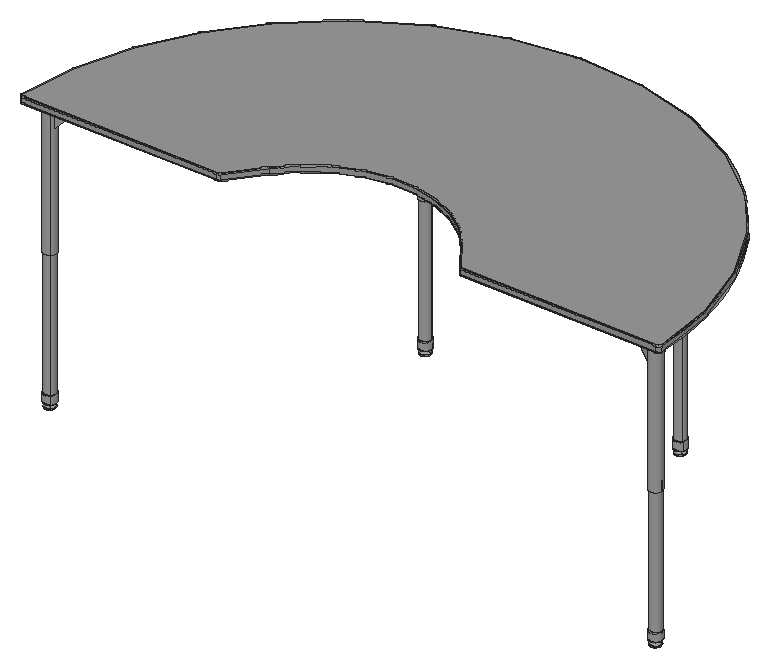
Revit family "Hierarchy Activity Kidney Table - Standing Height", category Furniture, Revit 2018
Family settings
  Work Plane-Based = No
  Always vertical = Yes
  Cut with Voids When Loaded = No
  Shared = No
  Room Calculation Point = No
Parameters
  Table Height = 3' - 5"
  Surface = Hierarchy Activity Kidney Table Standing Surface
  Leg Finish = Hierarchy Leg Platinum
  Caster/Glide = Hierarchy Standing Leg - Glide : Hierarchy Standing Leg - Glide
  Edgeband = Hierarchy Activity Kidney Table Standing Edgeband
Reference planes (in)
  plane 1 "Center (Front/Back)": y = 0
  plane 2: z = 0
  plane 3 "Center (Left/Right)": x = 0
  plane 4: z = 41
Dimensions and locks (in)
  "Table Height": plane 4 to level
  aligned and locked: plane 2 to level
  aligned and locked: nested 1 to plane 4
Nested families (in)
  nested 1: "Activity Kidney Tabletop" at (0, 0, 17.0750003), type "Activity Kidney Tabletop"
  nested 2: "Hierarchy Standing Leg - Glide" at (-45.341817, -19.0944657, 0) x (-0.7071, 0.7071, 0) z (0, 0, 1), type <- "Caster/Glide", Leg Finish <- "Leg Finish", Leg Height <- "Table Height", type "Hierarchy Standing Leg - Glide"
  nested 3: "Hierarchy Standing Leg - Glide" at (-19.0906754, 18.3262556, 0) x (0.9008, 0.4343, 0) z (0, 0, 1), Leg Finish <- "Leg Finish", Leg Height <- "Table Height", type "Hierarchy Standing Leg - Glide"
  nested 4: "Hierarchy Standing Leg - Glide" at (45.341817, -19.0944657, 0) x (0.7071, 0.7071, 0) z (0, 0, 1), type <- "Caster/Glide", Leg Finish <- "Leg Finish", Leg Height <- "Table Height", type "Hierarchy Standing Leg - Glide"
  nested 5: "Hierarchy Standing Leg - Glide" at (19.0906754, 18.3262556, 0) x (-0.9008, 0.4343, 0) z (0, 0, 1), Leg Finish <- "Leg Finish", Leg Height <- "Table Height", type "Hierarchy Standing Leg - Glide"
Definition of nested family "Activity Kidney Tabletop"
  Parameters (values of type "Activity Kidney Tabletop")
    Surface = none
    Edgeband = none
  Reference planes (in)
    plane 1 "Center (Front/Back)": y = 0
    plane 2: z = 0
    plane 3 "Center (Left/Right)": x = 0
  Forms (in)
    Extrusion 1, solid, material <- "Surface"
      sketch origin (2.1947236, 0, 0) x (1, 0, 0) y (0, 1, 0)
        loop
          line (-49.6880493, -21.5486813) -> (-20.4447227, -21.5486813)
          arc (-20.4447227, -21.5486813) -> (-20.2739365, -21.5083641) -> (-20.1392111, -21.3959254) r 0.3818893
          line (-20.1392111, -21.3959254) -> (-16.6892109, -16.7959213)
          arc (-16.6892109, -16.7959213) -> (-2.1947211, -9.5486737) -> (12.2997673, -16.7959242) r 18.1181046
          line (12.2997673, -16.7959242) -> (15.7497638, -21.3959253)
          arc (15.7497638, -21.3959253) -> (15.8844892, -21.5083641) -> (16.0552754, -21.5486813) r 0.3818893
          line (16.0552754, -21.5486813) -> (45.2986021, -21.5486813)
          arc (45.2986021, -21.5486813) -> (45.5714831, -21.4356503) -> (45.684514, -21.1627693) r 0.3859119
          arc (45.684514, -21.1627693) -> (39.4528252, 1.8395118) -> (22.9811196, 19.0622234) r 48.3004507
          arc (22.9811196, 19.0622234) -> (-4.5558124, 26.2247125) -> (-31.2504358, 16.3768215) r 47.5352791
          arc (-31.2504358, 16.3768215) -> (-44.9447232, -0.2455821) -> (-50.0739613, -21.1627693) r 48.4097031
          arc (-50.0739613, -21.1627693) -> (-49.9609303, -21.4356503) -> (-49.6880493, -21.5486813) r 0.3859119
      from 23.9249997 to 24.9250031
    Sweep 2, solid, material <- "Edgeband"
      path origin (2.1947236, 0, 0) x (1, 0, 0) y (0, 1, 0)
        loop
          line (-49.6880493, -21.5486813) -> (-20.4447227, -21.5486813)
          arc (-20.4447227, -21.5486813) -> (-20.2739365, -21.5083641) -> (-20.1392111, -21.3959254) r 0.3818893
          line (-20.1392111, -21.3959254) -> (-16.6892109, -16.7959213)
          arc (-16.6892109, -16.7959213) -> (-2.1947211, -9.5486737) -> (12.2997673, -16.7959242) r 18.1181046
          line (12.2997673, -16.7959242) -> (15.7497638, -21.3959253)
          arc (15.7497638, -21.3959253) -> (15.8844892, -21.5083641) -> (16.0552754, -21.5486813) r 0.3818893
          line (16.0552754, -21.5486813) -> (45.2986021, -21.5486813)
          arc (45.2986021, -21.5486813) -> (45.5714831, -21.4356503) -> (45.684514, -21.1627693) r 0.3859119
          arc (45.684514, -21.1627693) -> (39.4528252, 1.8395118) -> (22.9811196, 19.0622234) r 48.3004507
          arc (22.9811196, 19.0622234) -> (-4.5558124, 26.2247125) -> (-31.2504358, 16.3768215) r 47.5352791
          arc (-31.2504358, 16.3768215) -> (-44.9447232, -0.2455821) -> (-50.0739613, -21.1627693) r 48.4097031
          arc (-50.0739613, -21.1627693) -> (-49.9609303, -21.4356503) -> (-49.6880493, -21.5486813) r 0.3859119
      profile origin (-32.8716624, -21.5486813, 0) x (0, 1, 0) y (0, 0, 1)
        loop
          arc (0, 24.9250031) -> (-0.0835155, 24.8904098) -> (-0.1181087, 24.8068943) r 0.1181087
          line (-0.1181087, 24.8068943) -> (-0.1181087, 24.0431099)
          arc (-0.1181087, 24.0431099) -> (-0.0835155, 23.9595944) -> (0, 23.9250011) r 0.1181087
          line (0, 23.9250011) -> (0, 24.9250031)
  Dimensions and locks (in)
    aligned and locked: plane 2 to level
Definition of nested family "Hierarchy Standing Leg - Glide"
  Parameters (values of type "Hierarchy Standing Leg - Glide")
    Leg Finish [instance] = none
    Leg Height [instance] = 3' - 5"
  Reference planes (in)
    plane 1 "Center (Front/Back)": y = 0
    plane 2: z = 0
    plane 3 "Center (Left/Right)": x = 0
  Forms (in)
    Extrusion 1, solid
      sketch origin (-0.015625, 0, 0) x (1, 0, 0) y (0, 1, 0)
        loop
          circle (0.015625, 0) r 0.791468
      from 2 to 23.175
    Revolve 2, solid
      sketch origin (0, 0, 0) x (1, 0, 0) y (0, 0, 1)
        loop
          line (0, 2) -> (0, 0.7493718) -> (0.8483817, 0.7493718)
          arc (0.8483817, 0.7493718) -> (0.8934195, 0.768027) -> (0.9120748, 0.8130649) r 0.0636931
          line (0.9120748, 0.8130649) -> (0.9120748, 1.9363069)
          arc (0.9120748, 1.9363069) -> (0.8934195, 1.9813447) -> (0.8483817, 2) r 0.0636931
          line (0.8483817, 2) -> (0, 2)
        axis (0, 2) -> (0, 0.7493718)
      angle from 0 to 360
    Revolve 3, solid
      sketch origin (0, 0, 0) x (1, 0, 0) y (0, 0, 1)
        loop
          line (0, 0.75) -> (0, 0) -> (0.7458324, 0) -> (0.791468, 0.0901286) -> (0.791468, 0.1624113) -> (0.1247431, 0.5) -> (0.1247431, 0.75) -> (0, 0.75)
        axis (0, 0.75) -> (0, 0)
      angle from 0 to 360
  Dimensions and locks (in)
    "Leg Height": nested 1 to level
    aligned and locked: plane 2 to level
  Automatic sketch dimensions
    plane 1 "Center (Front/Back)" to Extrusion 1 sketch curve = 0' - 0"
    Extrusion 1 sketch curve to plane 3 "Center (Left/Right)" = 0' - 0"
    Revolve 2 sketch curve to plane 3 "Center (Left/Right)" = 0' - 0"  (x2)
    plane 3 "Center (Left/Right)" to Revolve 2 sketch curve = 0' - 0.84838"
    Revolve 2 sketch curve to Revolve 2 sketch curve = 0' - 0.84838"
    Revolve 2 sketch curve to Revolve 2 sketch curve = 0' - 0.06369"
    level to Revolve 2 sketch curve = 0' - 0.74937"
    Revolve 2 sketch curve to Revolve 2 sketch curve = 0' - 1.12324"
    Revolve 2 sketch curve to Revolve 2 sketch curve = 0' - 0.13731"
    Revolve 2 sketch curve to Revolve 2 sketch curve = 0' - 0 3/4"
    Revolve 3 sketch curve to plane 3 "Center (Left/Right)" = 0' - 0"  (x2)
    Revolve 3 sketch curve to level = 0' - 0"
    plane 3 "Center (Left/Right)" to Revolve 3 sketch curve = 0' - 0.12474"
    plane 3 "Center (Left/Right)" to Revolve 3 sketch curve = 0' - 0.74583"
    Revolve 3 sketch curve to Revolve 3 sketch curve = 0' - 0.04564"
    level to Revolve 3 sketch curve = 0' - 0.09013"
    Revolve 3 sketch curve to Revolve 3 sketch curve = 0' - 0.07228"
    level to Revolve 3 sketch curve = 0' - 0 1/2"
    Revolve 3 sketch curve to Revolve 3 sketch curve = 0' - 0 1/4"
    Revolve 3 sketch curve to level = 0' - 0 1/8"
    Revolve 3 sketch curve to Revolve 3 sketch curve = 0' - 0 1/8"
    radius of Extrusion 1 sketch curve = 0' - 0.79147"
  Nested families (in)
    nested 1: "Hierarchy Standing Upper Leg 2023" at (0, 0, 0.1998346), Leg Finish <- "Leg Finish", type "Hierarchy Standing Upper Leg 2023"
      with Leg Finish none
  Definition of nested family "Hierarchy Standing Upper Leg 2023"
    Parameters (values of type "Hierarchy Standing Upper Leg 2023")
      Leg Finish [instance] = none
    Reference planes (in)
      plane 1 "Center (Front/Back)": y = 0
      plane 2: z = 0
      plane 3 "Center (Left/Right)": x = 0
    Forms (in)
      Extrusion 1, solid, material <- "Leg Finish"
        sketch origin (0, 0, 0) x (1, 0, 0) y (0, 1, 0)
          loop
            circle (0, 0) r 0.9128992
        from 20.6741811 to 40.6741811
      Extrusion 2, solid, material <- "Leg Finish"
        sketch origin (0, 0, 12.998) x (1, 0, 0) y (0, 1, 0)
          loop
            line (-1.7017431, 0.1918316) -> (-3.9661108, -4.497379)
            arc (-3.9661108, -4.497379) -> (-3.919774, -5.3344399) -> (-3.1861453, -5.7401575) r 0.8661417
            line (-3.1861453, -5.7401575) -> (3.1861453, -5.7401575)
            arc (3.1861453, -5.7401575) -> (3.919774, -5.3344399) -> (3.9661108, -4.497379) r 0.8661417
            line (3.9661108, -4.497379) -> (1.7017431, 0.1918316)
            arc (1.7017431, 0.1918316) -> (0, 1.2598425) -> (-1.7017431, 0.1918316) r 1.8897638
        from 27.6761811 to 27.8021654
      Extrusion 3, solid, material <- "Leg Finish"
        sketch origin (12.4196672, 1.5869239, 0) x (0.434844, 0.900506, 0) y (0, 0, 1)
          loop
            arc (-12.687756, 40.6741811) -> (-12.8055873, 40.5641837) -> (-12.7039434, 40.4390751) r 0.1181102
            arc (-12.7039434, 40.4390751) -> (-9.9819177, 39.5350942) -> (-7.7642591, 37.7161397) r 7.8740157
            arc (-7.7642591, 37.7161397) -> (-7.6334381, 37.6813559) -> (-7.5558663, 37.7922913) r 0.1181102
            line (-7.5558663, 37.7922913) -> (-7.5558663, 40.6741811) -> (-12.687756, 40.6741811)
        from -11.1097626 to -10.9837783
      Extrusion 4, solid, material <- "Leg Finish"
        sketch origin (-12.4196672, 1.5869239, 0) x (-0.434844, 0.900506, 0) y (0, 0, -1)
          loop
            line (-12.687756, -40.6741811) -> (-7.5558663, -40.6741811) -> (-7.5558663, -37.7922913)
            arc (-7.5558663, -37.7922913) -> (-7.6334381, -37.6813559) -> (-7.7642591, -37.7161397) r 0.1181102
            arc (-7.7642591, -37.7161397) -> (-9.9819177, -39.5350942) -> (-12.7039434, -40.4390751) r 7.8740157
            arc (-12.7039434, -40.4390751) -> (-12.8055873, -40.5641837) -> (-12.687756, -40.6741811) r 0.1181102
        from -11.1097626 to -10.9837783
    Dimensions and locks (in)
      aligned and locked: plane 2 to level
